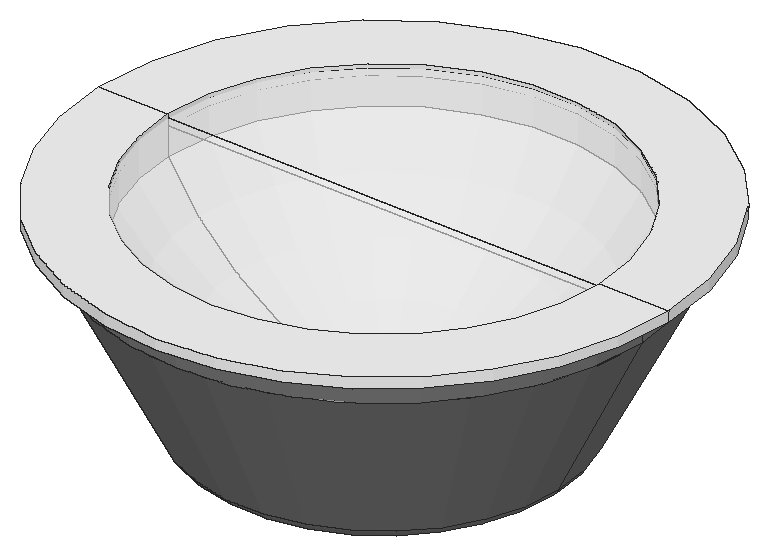
Revit family "30550", category Lighting Fixtures, host Face, Revit 2018
Family settings
  Host = Face
  Round Connector Dimension = Use Diameter
  Part Type = Normal
  OmniClass Number = 23.80.70.00
  OmniClass Title = Lighting
  Cut with Voids When Loaded = No
  Light Source = Yes
  Shared = No
  Room Calculation Point = No
Parameters (values of type "0030550 INSAVER SL IP44 205 MULTI620-1950 830")
  WidthBezel_SYL = if(Size1_SYL, 20 mm, if(Size2_SYL, 20 mm, if(Size3PIR_SYL, 30 mm, if(Size4_SYL, 20 mm, 20 mm))))  # 20 mm
  Weight = "n/a"
  Wattage Comments = ""
  Wattage = 12 W
  WarrantyStartDate [instance] = "n/a"
  WarrantyGuarantorParts = "n/a"
  WarrantyDurationUnit = "n/a"
  WarrantyDurationParts = ""
  WarrantyDescription = "http://www.sylvania-lighting.com"
  built-in parameter 1150110 = 1 (stored number, unit not read)
  Voltage = 230 V
  VisibilityPIR_SYL = Size3PIR_SYL  # no
  URL = "0.9"
  TypeName = "Insaver Slim IP44 205 Multi620-1950 830"
  Type Image = <None>
  Type Comments = "n/a"
  built-in parameter 1114217 = 1 (stored number, unit not read)
  Tilt Angle = -90.00°
  built-in parameter 1150109 = 1 (stored number, unit not read)
  built-in parameter 1150134 = (empty or 0)
  built-in parameter 1150113 = 1 (stored number, unit not read)
  Size4_SYL = no
  Size3PIR_SYL = no
  Size2_SYL = no
  Size1_SYL = yes
  SerialNumber [instance] = "n/a"
  RadiusTop_SYL = 6 mm
  RadiusReflector_SYL = if(Size1_SYL, 85 mm, if(Size2_SYL, 85 mm, if(Size3PIR_SYL, 85 mm, if(Size4_SYL, 100 mm, 120 mm))))  # 85 mm
  Photometric Web File = "0030550.IES"
  Material_3_FEILO = Top-Sylvania-STARTDownlight
  PowerFactor = 0.9
  PowerConsumption = "Lighting"
  NominalLength = 165 mm
  NominalHeight = 50 mm
  NominalDepth = 165 mm
  Name = "Insaver Slim IP44 205 Multi620-1950 830"
  ModelReference = Name  # "Insaver Slim IP44 205 Multi620-1950 830"
  ModelNumber = "0030550"
  Model = Name  # "Insaver Slim IP44 205 Multi620-1950 830"
  Material = "Feilo Sylvania"
  ManufacturerName = "122 lm/W"
  Manufacturer = ""
  LuminousEfficacy = ""
  built-in parameter 1150105 = 31.446 (stored number, unit not read)
  Lumens = 395.16 lm
  LuminaireType = "0"
  built-in parameter 1150115 = 1 (stored number, unit not read)
  LightOutputRatio = "LED"
  built-in parameter 1150137 = (empty or 0)
  built-in parameter 1150139 = (empty or 0)
  LampsType = Lamp  # "n/a"
  LampNominalLuminous = "3000 K"
  LampMacAdamStep = "80"
  LampColourTemperature = "LED"
  LampColourRenderingIndex = "16500"
  built-in parameter 1150112 = 1 (stored number, unit not read)
  built-in parameter 1150114 = 1 (stored number, unit not read)
  Lamp = "n/a"
  Keynote = "n/a"
  InstallationDate [instance] = "n/a"
  InputVoltage = "0"
  InputNominalFrequency = "3000"
  built-in parameter 1150132 = (empty or 0)
  built-in parameter 1150102 = (empty or 0)
  built-in parameter 1150107 = 3000 (stored number, unit not read)
  built-in parameter 1150138 = (empty or 0)
  IngressProtection = "IfcLightFixtureType"
  ImpactProtectionIndex = "IfcLightFixtureType"
  built-in parameter 1150106 = 0.31446 (stored number, unit not read)
  IfcExportType = "IfcLightFixtureType"
  IfcExportAs = "Class II"
  Height_SYL = if(Size1_SYL, 61 mm, if(Size2_SYL, 61 mm, if(Size3PIR_SYL, 61 mm, if(Size4_SYL, 61 mm, 60 mm))))  # 61 mm
  HeightBezel_SYL = if(Size1_SYL, 3 mm, if(Size2_SYL, 3 mm, if(Size3PIR_SYL, 3 mm, if(Size4_SYL, 3.2 mm, 3 mm))))  # 3 mm
  ExpectedLife = 50000
  Emit from Circle Diameter = Diameter_SYL - 40 mm  # 125 mm
  Emit Shape Visible in Rendering = no
  ElectricShockClassification = "122"
  built-in parameter 1150104 = 3.0593 (stored number, unit not read)
  DurationUnit = "hours"
  DocumentationLiterature = "http://www.sylvania-lighting.com/product/en-int/products/0030550"
  DimmingControlOptions = "n/a"
  Material_2_FEILO = Diffuser-Sylvania-STARTDownlight
  Dimming Lamp Color Temperature Shift = <None>
  Diameter_SYL = if(Size1_SYL, 165 mm, if(Size2_SYL, 190 mm, if(Size3PIR_SYL, 211 mm, if(Size4_SYL, 220 mm, 240 mm))))  # 165 mm
  DiameterTop_SYL = if(Size1_SYL, 98 mm, if(Size2_SYL, 122 mm, if(Size3PIR_SYL, 120 mm, if(Size4_SYL, 135 mm, 158 mm))))  # 98 mm
  DiameterTopBase_SYL = DiameterRecess_SYL  # 150 mm
  DiameterRecess_SYL = if(Size1_SYL, 150 mm, if(Size2_SYL, 170 mm, if(Size3PIR_SYL, 186 mm, if(Size4_SYL, 200 mm, 225 mm))))  # 150 mm
  Description = "Insaver Slim is a ceiling recessed LED downlight (IP44 from the front),Die-cast aluminium body, loop in loop out connector for quick installation, Non dimmable LED driver, 3000K; UGR <19 with shallow product depth 60mm.The range features a multipower functionality where the luminous flux of the luminaire can be tailored to local needs by only setting a quick selector switch on the driver. 8 steps available with adjustable lumen output of 620 – 1950lm  at 3000K . Meets TP(a) requirements."
  Default Elevation = 1219.2 mm
  CreatedOn = "05/03/2024"
  CreatedBy = "@sylvania-lighting.com"
  Cost = 0
  Color Filter = 16777215
  built-in parameter 1114216 [instance] = (empty or 0)
  ClassificationValue = "EF_70_80"
  ClassificationName = "Uniclass2015"
  Material_1_FEILO = Trim-Sylvania-STARTDownlight-White
  BarCode [instance] = "n/a"
  built-in parameter 1114218 = 1 (stored number, unit not read)
  built-in parameter 1150133 = 10 (stored number, unit not read)
  AssetType = "Fixed"
  AssetIdentifier [instance] = "n/a"
  Assembly Code = "D5020200"
  Apparent Load = 16 VA
  Material_4_FEILO = LED-Sylvania-STARTDownlight
Reference planes
  plane 1 "Center (Front/Back)": y = 0
  plane 2: z = 0
  plane 3 "Center (Left/Right)": x = 0
  plane 4: x = 82.5
  plane 5: x = -82.5
  plane 6: z = 3
  plane 7: z = -8
  plane 8: z = -58
  plane 9: x = -75
  plane 10: x = 75
  plane 11: x = -49
  plane 12: x = 49
  plane 13: z = -85
  plane 14: x = -62.5
  plane 15: z = 2
  plane 16: z = -46
  plane 17: x = -16
  plane 18: x = -67.5
  plane 19: x = -81.5
  plane 20: x = -99.5
  plane 21: x = -76.5
  plane 22: z = 5.5
  plane 23: z = 8.7
  plane 24: x = -75.5
  plane 25: z = 13.7
Forms (mm)
  Revolve 1, void
    sketch origin (0, 0, 0) x (1, 0, 0) y (0, 0, 1)
      loop
        line (0, 0) -> (-75, 0) -> (-75, -85) -> (0, -85) -> (0, 0)
      axis (0, 0) -> (0, -85)
    angle from 360 to 0
  Revolve 2, solid, material "Trim-Sylvania-STARTDownlight-White" <- "Material_1_FEILO"
    sketch origin (0, 0, 0) x (1, 0, 0) y (0, 0, 1)
      loop
        line (-62.5, 3) -> (-82.5, 3) -> (-82.5, 0) -> (-75, 0) -> (-75, -8) -> (-50.681, -54.768)
        arc (-50.681, -54.768) -> (-48.471, -57.129) -> (-45.357, -58) r 6
        line (-45.357, -58) -> (0, -58) -> (0, -46) -> (-16, -46)
        arc (-16, -46) -> (-42.718, -31.243) -> (-62.5, -8) r 85
        line (-62.5, -8) -> (-62.5, 3)
      axis (0, 3) -> (0, -58)
    angle from 360 to 0
  Revolve 3, solid, material "Diffuser-Sylvania-STARTDownlight" <- "Material_2_FEILO"
    sketch origin (0, 0, 0) x (1, 0, 0) y (0, 0, 1)
      loop
        line (-62.5, 0) -> (0, 0) -> (0, 2) -> (-62.5, 2) -> (-62.5, 0)
      axis (0, 2) -> (0, 0)
    angle from 360 to 0
  Revolve 4, solid, material "Trim-Sylvania-STARTDownlight-White" <- "Material_1_FEILO", visible <- "VisibilityPIR_SYL"
    sketch origin (0, 0, 0) x (1, 0, 0) y (0, 0, 1)
      loop
        line (-67.5, 3) -> (-67.5, 13.7)
        arc (-67.5, 13.7) -> (-72.217, 12.347) -> (-75.5, 8.7) r 8.9
        line (-75.5, 8.7) -> (-75.5, 5.5) -> (-76.5, 5.5) -> (-76.5, 3) -> (-67.5, 3)
      axis (-67.5, 13.7) -> (-67.5, 3)
    angle from 360 to 0
Dimensions and locks
  equal spacing: plane 4, plane 3 "Center (Left/Right)", plane 5
  "Diameter_SYL": plane 4 to plane 5
  equal spacing: plane 10, plane 3 "Center (Left/Right)", plane 9
  equal spacing: plane 12, plane 3 "Center (Left/Right)", plane 11
  "DiameterTop_SYL": plane 12 to plane 11
  "HeightBezel_SYL": plane 6 to plane 2
  "Height_SYL": plane 6 to plane 8
  locked: plane 2 to plane 7 at 8
  locked: plane 2 to plane 13 at 85
  "WidthBezel_SYL": plane 14 to plane 5
  locked: plane 6 to plane 15 at 1
  "DiameterRecess_SYL": plane 10 to plane 9
  locked: plane 3 "Center (Left/Right)" to plane 17 at 16
  locked: plane 16 to plane 8 at 12
  locked: plane 18 to plane 21 at 9
  locked: plane 22 to plane 6 at 2.5
  locked: plane 23 to plane 22 at 3.2
  locked: plane 18 to plane 24 at 8
  locked: plane 25 to plane 23 at 5
  locked: plane 25 to Revolve 4 sketch curve at 8.9
  locked: plane 18 to plane 5 at 15
  "RadiusReflector_SYL": radius of Revolve 2 sketch curve
  "RadiusTop_SYL": radius of Revolve 2 sketch curve
  aligned and locked: plane 2 to host face
  aligned and locked: level to host face
  aligned and locked: Revolve 1 sketch curve to plane 3 "Center (Left/Right)"
  aligned and locked: plane 3 "Center (Left/Right)" to Revolve 1 sketch curve
  aligned and locked: Revolve 1 sketch curve to plane 9
  aligned and locked: plane 13 to Revolve 1 sketch curve
  aligned and locked: plane 3 "Center (Left/Right)" to imposter light
  aligned and locked: imposter light to plane 15
  aligned and locked: imposter light to plane 1 "Center (Front/Back)"
  aligned and locked: Revolve 2 sketch curve to plane 3 "Center (Left/Right)"
  aligned and locked: Revolve 2 sketch curve to plane 6
  aligned and locked: Revolve 2 sketch curve to plane 5
  aligned and locked: Revolve 2 sketch curve to level
  aligned and locked: plane 7 to Revolve 2 sketch curve  (x2)
  aligned and locked: Revolve 2 sketch curve to plane 9
  aligned and locked: plane 8 to Revolve 2 sketch curve
  aligned and locked: Revolve 2 sketch curve to plane 14
  aligned and locked: plane 3 "Center (Left/Right)" to Revolve 2 sketch curve
  aligned and locked: Revolve 2 sketch curve to plane 16
  aligned and locked: Revolve 3 sketch curve to plane 3 "Center (Left/Right)"
  aligned and locked: Revolve 3 sketch curve to level
  aligned and locked: imposter light to Revolve 3 sketch curve  (x2)
  aligned and locked: Revolve 4 sketch curve to plane 18  (x2)
  aligned and locked: Revolve 4 sketch curve to plane 6
  aligned and locked: plane 22 to Revolve 4 sketch curve
  aligned and locked: plane 24 to Revolve 4 sketch curve
  aligned and locked: Revolve 4 sketch curve to Revolve 4 sketch curve
  aligned and locked: plane 21 to Revolve 4 sketch curve
Automatic sketch dimensions
  host sketch curve to host sketch curve = 2438.4 mm  (x2)
  plane 13 to Revolve 1 sketch curve = 524.6 mm
  Revolve 1 sketch curve to plane 6 = 2606.058 mm
  Revolve 1 sketch curve to level = 0 mm
  Revolve 2 sketch curve to plane 17 = 0 mm
  Revolve 2 sketch curve to plane 11 = 1.681 mm
  plane 11 to Revolve 2 sketch curve = 3.643 mm
  plane 13 to Revolve 2 sketch curve = 524.6 mm
  Revolve 2 sketch curve to Revolve 2 sketch curve = 2577.983 mm
  Revolve 3 sketch curve to plane 14 = 0 mm
  plane 13 to Revolve 3 sketch curve = 524.6 mm
  Revolve 3 sketch curve to plane 6 = 2606.058 mm
  Revolve 4 sketch curve to plane 23 = 0 mm
  plane 13 to Revolve 4 sketch curve = 524.6 mm
  Revolve 4 sketch curve to Revolve 4 sketch curve = 2595.358 mm
Connectors
  electrical at (0, 0, 0), driven by "Apparent Load", driven by "PowerFactor", driven by "Voltage"
    settings: index 1, voltage 230 V, apparent load 16 VA, apparent load phase1 0 VA, apparent load phase2 0 VA, apparent load phase3 0 VA, power factor 0.9, load classification "Lighting", number of poles 1, system type 30, power factor state 1, is connector primary yes, connector utility no, sub classification motor no, connector description ""
